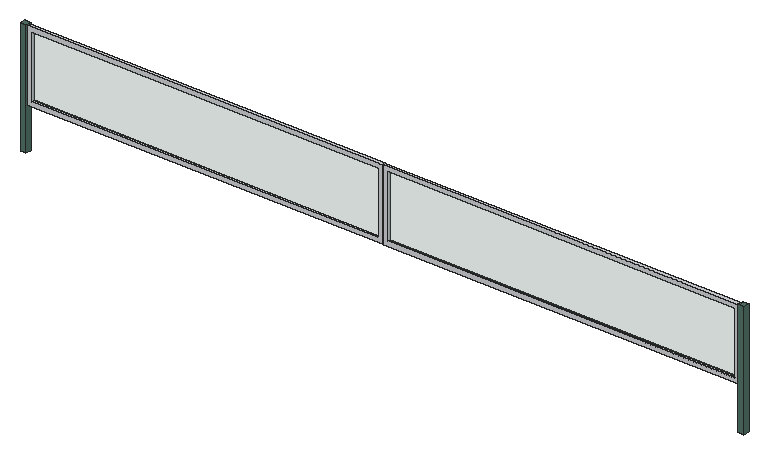
Revit family "Ворота распашные_PROM_UXXL_FENCE", category Специальное оборудование, Revit 2019
Family settings
  Размер круглого соединителя = Использовать диаметр
  Тип детали = Нормальный
  На основе рабочей плоскости = Нет
  Всегда вертикально = Да
  При загрузке вырезать с полостями = Нет
  Общий = Нет
  Точка расчета площади = Нет
Parameters (values of type "PROM-UXXL_Бетонирование в кондукторе")
  Ширина рамки = 60 mm
  Ширина открывания [instance] = Ширина / 2  # 5000 mm
  Ширина [instance] = 10000 mm
  Т = "UXXL_FENCE"  # constant formula
  Фланец под винтовую опору (SITgs) = no
  Фланец (SIT) = no
  Тип крепления = if([Бетонирование в кондукторе (SIC)], 1, if([Бетонирование столбы (SI)], 2, if([Фланец (SIT)], 3, if([Фланец под винтовую опору (SITgs)], 4, 0))))  # 1
  Сечение столба = 80 mm
  Материал_Столбы = FENSYS_Столб
  Материал_Сетка = FENSYS_Сетка_50x100
  Изготовитель = "FENSYS"  # constant formula
  Высота [instance] = 1100 mm
  Бетонирование столбы (SI) = no
  Бетонирование в кондукторе (SIC) = yes
  Глубина столба = if(or([Бетонирование в кондукторе (SIC)], [Бетонирование столбы (SI)]), 500 mm, 0 mm)  # 500 mm
  URL = "https://www.fensys.ru/produkciya/vorota_1.html"
  ADSK_Размер_Ширина [instance] = Ширина  # 10000 mm
  ADSK_Размер_Высота [instance] = Высота  # 1100 mm
  ADSK_Обозначение = "UXXL/SIC/FENCE"
  ADSK_Наименование [instance] = size_lookup(Т, "", "Не найдено", ADSK_Размер_Высота, ADSK_Размер_Ширина, Тип крепления)  # "Ворота распашные серии PROM-UXXL: HxW 1100x10000 (оси столбов 10200, профиль 200х200х8мм), заполнение панель, столбы с регулируемыми петлями, на фланцах под усиленное бетонирование на армокаркасах"
  ADSK_Масса [instance] = size_lookup(Т, "ADSK_Масса", 0, ADSK_Размер_Высота, ADSK_Размер_Ширина, Тип крепления)  # 544
  ADSK_Комплект = "Ворота распашные"  # constant formula
  ADSK_Код изделия [instance] = size_lookup(Т, "ADSK_Код изделия", "Не найдено", ADSK_Размер_Высота, ADSK_Размер_Ширина, Тип крепления)  # "45140U"
  ADSK_Завод-изготовитель = Изготовитель  # "FENSYS"
  ADSK_Единица измерения = "шт."  # constant formula
Types (5, lengths in mm): name | Фланец под винтовую опору (SITgs) | Фланец (SIT) | Тип крепления | Бетонирование столбы (SI) | Бетонирование в кондукторе (SIC) | Глубина столба | ADSK_Обозначение | ADSK_Наименование | ADSK_Масса | ADSK_Код изделия
  (no name) | no | no | 1 | no | yes | 500 | "UXXL/SIC/FENCE" | "Ворота распашные серии PROM-UXXL: HxW 1100x10000 (оси столбов 10200, профиль 200х200х8мм), заполнение панель, столбы с регулируемыми петлями, на фланцах под усиленное бетонирование на армокаркасах" | 544 | "45140U"
  PROM-UXXL_Под бетонирование | no | no | 2 | yes | no | 500 | "UXXL/SI/FENCE" | "Ворота распашные серии PROM-UXXL: HxW 1100x10000 (оси столбов 10200, профиль 200х200х8мм), заполнение панель, столбы с регулируемыми петлями, под бетонирование" | 432 | "44980U"
  PROM-UXXL_Фланец | no | yes | 3 | no | no | 0 | "UXXL/SIT/FENCE" | "Ворота распашные серии PROM-UXXL: HxW 1100x10000 (оси столбов 10200, профиль 200х200х8мм), заполнение панель, столбы с регулируемыми петлями, на фланцах под анкерное крепление на бетон" | 410 | "44820U"
  PROM-UXXL_Фланец под винтовую опору | yes | no | 4 | no | no | 0 | "UXXL/SITgs/FENCE" | "Ворота распашные серии PROM-UXXL: HxW 1100x10000 (оси столбов 10200, профиль 200х200х8мм), заполнение панель, столбы с регулируемыми петлями, под крепление на винтовых опорах" | 290 | "45460U"
  PROM-UXXL_Бетонирование в кондукторе | no | no | 1 | no | yes | 500 | "UXXL/SIC/FENCE" | "Ворота распашные серии PROM-UXXL: HxW 1100x10000 (оси столбов 10200, профиль 200х200х8мм), заполнение панель, столбы с регулируемыми петлями, на фланцах под усиленное бетонирование на армокаркасах" | 544 | "45140U"
Reference planes
  plane 1 "По центру (Вперед/Назад)": y = 0
  plane 2: z = 0
  plane 3 "По центру (Влево/Вправо)": x = 0
  plane 4: x = 10160
  plane 5: y = 40
  plane 6: y = -40
  plane 7: x = 80
  plane 8: x = 10080
  plane 9: z = 1100
  plane 10: z = 100
  plane 11: z = -500
  plane 12: y = 20
  plane 13: y = -20
  plane 14: y = 2
  plane 15: y = -2
  plane 16: z = 1040
  plane 17: z = 1110
  plane 18: y = 2
  plane 19: y = -2
  plane 20: x = 5080
Forms (mm)
  Extrusion 1, solid, material "FENSYS_Столб" <- "Материал_Столбы"
    sketch origin (0, 0, 0) x (1, 0, 0) y (0, 1, 0)
      loop
        line (0, 40) -> (0, -40) -> (80, -40) -> (80, 40) -> (0, 40)
      loop
        line (10080, 40) -> (10080, -40) -> (10160, -40) -> (10160, 40) -> (10080, 40)
    from -500 to 1110
  Extrusion 2, solid, material "FENSYS_Сетка_50x100" <- "Материал_Сетка"
    sketch origin (0, 0, 0) x (1, 0, 0) y (0, 1, 0)
      loop
        line (140, 2) -> (140, -2) -> (5020, -2) -> (5020, 2) -> (140, 2)
    from 160 to 1040
  Extrusion 3, solid
    sketch origin (0, 0, 0) x (1, 0, 0) y (0, 0, 1)
      loop
        line (80, 1100) -> (80, 100) -> (5075, 100) -> (5075, 1100) -> (80, 1100)
      loop
        line (10080, 100) -> (10080, 1100) -> (5085, 1100) -> (5085, 100) -> (10080, 100)
      loop
        line (140, 160) -> (5020, 160) -> (5020, 1040) -> (140, 1040) -> (140, 160)
      loop
        line (10020, 160) -> (10020, 1040) -> (5140, 1040) -> (5140, 160) -> (10020, 160)
    from -20 to 20
  Extrusion 4, solid, material "FENSYS_Сетка_50x100" <- "Материал_Сетка"
    sketch origin (1010, 0, 0) x (1, 0, 0) y (0, 1, 0)
      loop
        line (4130, 2) -> (4130, -2) -> (9010, -2) -> (9010, 2) -> (4130, 2)
    from 160 to 1040
Lines and regions (mm)
  Masking region 1, detail levels coarse
    outline origin (0, 0, 0) x (1, 0, 0) y (0, 1, 0)
      loop
        line (80, 20) -> (80, -20) -> (10080, -20) -> (10080, 20) -> (80, 20)
Dimensions and locks
  equal spacing: plane 6, plane 1 "По центру (Вперед/Назад)", plane 5
  "Сечение столба": plane 3 "По центру (Влево/Вправо)" to plane 7
  "Сечение столба": plane 8 to plane 4
  "ADSK_Размер_Высота": plane 9 to plane 2
  "Глубина столба": plane 2 to plane 11
  plane 10 to plane 2 = 100 mm
  plane 5 to plane 1 "По центру (Вперед/Назад)" = 40 mm
  equal spacing: plane 13, plane 1 "По центру (Вперед/Назад)", plane 12
  plane 1 "По центру (Вперед/Назад)" to plane 12 = 20 mm
  equal spacing: plane 15, plane 1 "По центру (Вперед/Назад)", plane 14
  locked: plane 1 "По центру (Вперед/Назад)" to plane 14 at 2
  "Ширина рамки": plane 9 to plane 16
  "ADSK_Размер_Ширина": plane 7 to plane 8
  locked: plane 17 to plane 9 at 10
  plane 19 to plane 18 = 4 mm
  Extrusion 1 to Extrusion 1 = 10160 mm
  "Сечение столба": plane 5 to plane 6
  equal spacing: plane 8, plane 20, plane 7
  aligned and locked: level to plane 2
  aligned and locked: Extrusion 1 sketch curve to plane 5
  aligned and locked: plane 5 to Extrusion 1 sketch curve
  aligned and locked: plane 6 to Extrusion 1 sketch curve
  aligned and locked: Extrusion 1 sketch curve to plane 6
  aligned and locked: Extrusion 1 sketch curve to plane 4
  aligned and locked: plane 8 to Extrusion 1 sketch curve
  aligned and locked: Extrusion 1 sketch curve to plane 7
  aligned and locked: plane 3 "По центру (Влево/Вправо)" to Extrusion 1 sketch curve
  aligned and locked: Extrusion 1 to plane 11
  aligned and locked: Extrusion 2 sketch curve to plane 14
  aligned and locked: Extrusion 2 sketch curve to plane 15
  aligned and locked: Extrusion 2 to plane 16
  aligned and locked: plane 8 to nested 1
  aligned and locked: nested 1 to plane 1 "По центру (Вперед/Назад)"
  aligned and locked: plane 1 "По центру (Вперед/Назад)" to nested 2
  aligned and locked: plane 7 to nested 2
  aligned and locked: Masking region 1 sketch curve to plane 12
  aligned and locked: Masking region 1 sketch curve to plane 13
  aligned and locked: plane 7 to Masking region 1 sketch curve
  aligned and locked: Masking region 1 sketch curve to plane 8
  aligned and locked: Extrusion 1 to plane 17
  aligned and locked: Extrusion 3 to plane 13
  aligned and locked: Extrusion 3 to plane 12
  aligned and locked: Extrusion 2 to Extrusion 3  (x2)
  aligned and locked: Extrusion 3 to plane 16
  aligned and locked: Extrusion 3 to Extrusion 2
  aligned and locked: plane 18 to Extrusion 4 sketch curve
  aligned and locked: Extrusion 4 sketch curve to plane 19
  aligned and locked: Extrusion 4 to Extrusion 3  (x4)
  aligned and locked: Extrusion 1 to plane 5
  aligned and locked: plane 6 to Extrusion 1
  aligned and locked: plane 16 to Extrusion 3
Automatic sketch dimensions
  plane 7 to Extrusion 2 sketch curve = 60 mm
  Extrusion 2 sketch curve to Extrusion 2 sketch curve = 4880 mm
  plane 7 to Extrusion 4 sketch curve = 5060 mm
  Extrusion 4 sketch curve to plane 8 = 60 mm
  Extrusion 3 sketch curve to plane 7 = 0 mm
  Extrusion 3 sketch curve to plane 16 = 0 mm  (x2)
  Extrusion 3 sketch curve to plane 10 = 0 mm  (x3)
  Extrusion 3 sketch curve to plane 9 = 0 mm  (x2)
  Extrusion 3 sketch curve to plane 8 = 0 mm
  plane 7 to Extrusion 3 sketch curve = 60 mm
  Extrusion 3 sketch curve to plane 20 = 5 mm
  Extrusion 3 sketch curve to plane 8 = 60 mm
  plane 10 to Extrusion 3 sketch curve = 60 mm  (x2)
  plane 20 to Extrusion 3 sketch curve = 5 mm
  plane 20 to Extrusion 3 sketch curve = 60 mm
  Extrusion 3 sketch curve to plane 20 = 60 mm
Nested families
  nested 1: "Открываение_Обозначение" at (10080, 0, 0) x (-1, 0, 0) z (0, 0, 1), Ширина <- "Ширина открывания", type "Открываение_Обозначение", detail levels coarse
    with Ширина 5000 mm
  nested 2: "Открываение_Обозначение" at (80, 0, 0), Ширина <- "Ширина открывания", type "Открываение_Обозначение", detail levels coarse
    with Ширина 5000 mm
Definition of nested family "Открываение_Обозначение"
  Parameters (values of type "Открываение_Обозначение")
    Ширина [instance] = 900 mm
  Reference planes
    plane 1 "По центру (Вперед/Назад)": y = 0
    plane 2: z = 0
    plane 3 "По центру (Влево/Вправо)": x = 0
    plane 4: x = 900
  Lines and regions (mm)
    detail lines, in view "Опорный уровень"
      curve 1: line (0, 0, 0) -> (779.423, 450, 0)
  Dimensions and locks
    "Ширина": plane 3 "По центру (Влево/Вправо)" to plane 4
    "Ширина": curve 1 to curve 1
    locked: plane 1 "По центру (Вперед/Назад)" to curve 1 (angle 30.00°)
    aligned and locked: plane 3 "По центру (Влево/Вправо)" to curve 1
    aligned and locked: plane 1 "По центру (Вперед/Назад)" to curve 1
